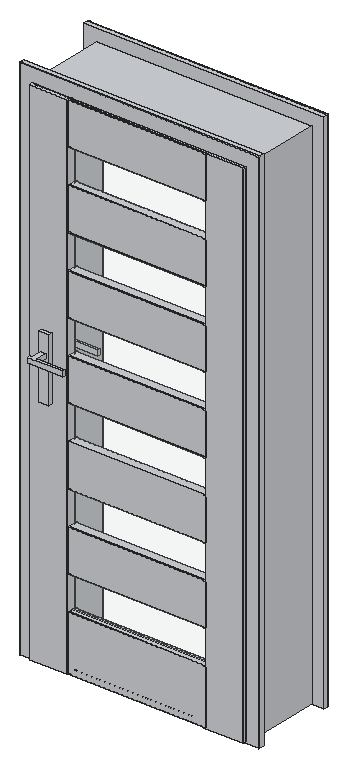
Revit family "porta_koncept_C6_osc_ps", category Drzwi, Revit 2016
Family settings
  Obiekt nadrzędny = Ściana
  Zawsze pionowo = Tak
  Tnij formami wycięć po wczytaniu = Nie
  Współdzielony = Nie
  Punkt obliczania pomieszczeń = Nie
Parameters (values of type "PN 80")
  Zakres szerokości muru [instance] = if(and(Grubość ściany > 94 mm, Grubość ściany < 120 mm), "B", (if(and(Grubość ściany > 119 mm, Grubość ściany < 140 mm), "C", (if(and(Grubość ściany > 139 mm, Grubość ściany < 160 mm), "D", (if(and(Grubość ściany > 159 mm, Grubość ściany < 180 mm), "E", (if(and(Grubość ściany > 179 mm, Grubość ściany < 200 mm), "F", (if(and(Grubość ściany > 199 mm, Grubość ściany < 220 mm), "G", (if(and(Grubość ściany > 219 mm, Grubość ściany < 240 mm), "H", (if(and(Grubość ściany > 239 mm, Grubość ściany < 260 mm), "I", (if(and(Grubość ściany > 259 mm, Grubość ściany < 280 mm), "J", (if(and(Grubość ściany > 279 mm, Grubość ściany < 301 mm), "K", "BRAK")))))))))))))))))))  # "K"
  Wysokość brutto = 2060 mm
  Szerokość brutto = 880 mm
  Model = "Koncept C6"
  Konstrukcja analityczna = "<Brak>"
  Grubość ściany [instance] = 300 mm
  Funkcja = Wewnętrzna
  URL = "www.porta.com.pl"
  Ss = 844 mm
  Sb = 846 mm
  Producent = "PORTA KMI POLAND"
  Keynote = ""
  Description = ""
  Wysokość = 2016 mm
  Zakończenie ściany = Wg obiektu nadrzędnego
  Szerokość = 800 mm
  Materiał_skrzydło [instance] = none
  Materiał_ościeżnica [instance] = none
  Materiał_klamka [instance] = none
  Informacja = "Własność Porta KMI Poland, wszelkie prawa zastrzeżone."  # constant formula
  Hs = 2030 mm
Types (6, lengths in mm): name | Szerokość brutto | Ss | Sb | Description | Szerokość
  PN 70 | 780 | 744 | 746 | "Biblioteki CAD produktów firmy PORTA KMI POLAND wraz z ich wizualizacjami są chronione prawami własności przemysłowej i intelektualnej. Można je wykorzystywać do handlowych celów osobistych poprzez zastosowanie w projektach, jednak nie wolno ich powielać, modyfikować, licencjonować ani publikować, w całości ani w części, chyba że celem przeglądania, bez uprzedniej pisemnej zgody PORTA KMI Poland. www.porta.com.pl" | 700
  PN 60 | 680 | 644 | 646 | "Biblioteki CAD produktów firmy PORTA KMI POLAND wraz z ich wizualizacjami są chronione prawami własności przemysłowej i intelektualnej. Można je wykorzystywać do handlowych celów osobistych poprzez zastosowanie w projektach, jednak nie wolno ich powielać, modyfikować, licencjonować ani publikować, w całości ani w części, chyba że celem przeglądania, bez uprzedniej pisemnej zgody PORTA KMI Poland. www.porta.com.pl" | 600
  PN 80 | 880 | 844 | 846 | "" | 800
  PN 90 | 980 | 944 | 946 | "Biblioteki CAD produktów firmy PORTA KMI POLAND wraz z ich wizualizacjami są chronione prawami własności przemysłowej i intelektualnej. Można je wykorzystywać do handlowych celów osobistych poprzez zastosowanie w projektach, jednak nie wolno ich powielać, modyfikować, licencjonować ani publikować, w całości ani w części, chyba że celem przeglądania, bez uprzedniej pisemnej zgody PORTA KMI Poland. www.porta.com.pl" | 900
  PN 100 | 1080 | 1044 | 1046 | "Biblioteki CAD produktów firmy PORTA KMI POLAND wraz z ich wizualizacjami są chronione prawami własności przemysłowej i intelektualnej. Można je wykorzystywać do handlowych celów osobistych poprzez zastosowanie w projektach, jednak nie wolno ich powielać, modyfikować, licencjonować ani publikować, w całości ani w części, chyba że celem przeglądania, bez uprzedniej pisemnej zgody PORTA KMI Poland. www.porta.com.pl" | 1000
  PN 110 | 1180 | 1144 | 1146 | "Biblioteki CAD produktów firmy PORTA KMI POLAND wraz z ich wizualizacjami są chronione prawami własności przemysłowej i intelektualnej. Można je wykorzystywać do handlowych celów osobistych poprzez zastosowanie w projektach, jednak nie wolno ich powielać, modyfikować, licencjonować ani publikować, w całości ani w części, chyba że celem przeglądania, bez uprzedniej pisemnej zgody PORTA KMI Poland. www.porta.com.pl" | 1100
Reference planes
  plane 1: y = 0
  plane 2 "Środek (Lewa/Prawa)": x = 0
  plane 3 "Lewy": x = -440
  plane 4 "Prawy": x = 440
  plane 5: z = 2060
  plane 6 "Zewnętrzna": y = 150
  plane 7 "Wewnętrzna": y = -150
  plane 8 "skrzydło": y = -144.5
Forms (mm)
  Sweep 1, solid, material <- "Materiał_ościeżnica"
    path in 3D
      loop
        line (-440, -150, 0) -> (-440, -150, 2060) -> (440, -150, 2060) -> (440, -150, 0)
    profile origin (-440, -150, 1030) x (0, -1, 0) y (1, 0, 0)
      loop
        line (-10, 39) -> (-72, 39) -> (-72, 17) -> (0, 17) -> (0, -33) -> (16, -33)
        arc (16, -33) -> (18.121, -32.121) -> (19, -30) r 3
        line (19, -30) -> (19, 24)
        arc (19, 24) -> (18.121, 26.121) -> (16, 27) r 3
        line (16, 27) -> (-10, 27) -> (-10, 39)
  Sweep 2, solid, material <- "Materiał_ościeżnica"
    path in 3D
      loop
        line (440, 150, 0) -> (440, 150, 2060) -> (-440, 150, 2060) -> (-440, 150, 0)
    profile origin (-440, 150, 1030) x (1, 0, 0) y (0, 1, 0)
      loop
        line (-33, 0) -> (17, 0) -> (17, -228) -> (39, -228) -> (39, -1)
        arc (39, -1) -> (37.536, 2.536) -> (34, 4) r 5
        line (34, 4) -> (25, 4) -> (25, 16)
        arc (25, 16) -> (24.121, 18.121) -> (22, 19) r 3
        line (22, 19) -> (-30, 19)
        arc (-30, 19) -> (-32.121, 18.121) -> (-33, 16) r 3
        line (-33, 16) -> (-33, 0)
  Sweep 3, solid, not visible
    path in 3D
      loop
        line (-440, -150, 0) -> (-440, -150, 2060)
    profile origin (-440, -150, 1030) x (0, -1, 0) y (1, 0, 0)
      loop
        line (-151, 17) -> (-149, 17) -> (-149, 19) -> (-151, 19) -> (-151, 17)
Cuts and joins
  joined: Sweep 1, Sweep 2
Lines and regions (mm)
  Opening 1
    outline origin (-3050, -150, 0) x (1, 0, 0) y (0, 0, 1)
      loop
        line (2610, 0) -> (3490, 0) -> (3490, 2060) -> (2610, 2060) -> (2610, 0)
  sketch lines
    curve 1: line (-440, -150, 0) -> (-440, -150, 2060)
    curve 2: line (-440, -150, 2060) -> (440, -150, 2060)
    curve 3: line (440, -150, 2060) -> (440, -150, 0)
    curve 4: line (-440, 150, 2060) -> (-440, 150, 0)
    curve 5: line (440, 150, 2060) -> (-440, 150, 2060)
    curve 6: line (440, 150, 0) -> (440, 150, 2060)
    curve 12: line (-440, -150, 0) -> (-440, -150, 2060)
  symbolic lines, style "DoorsPanelProjection"
    curve 7: line (422, -150, 0) -> (422, -994, 0)
    curve 8: line (422, -994, 0) -> (382, -994, 0)
    curve 9: line (382, -994, 0) -> (382, -150, 0)
    curve 10: line (382, -150, 0) -> (422, -150, 0)
  symbolic lines, style "Ugięcie rzutu"
    curve 11: arc (-422, -150, 0) -> (-174.798, -746.798, 0) -> (422, -994, 0) r 844
Text (mm)
  text "Zewnętrzna" at (-2295.016, 1099.543, 0), in view "Poziom odniesienia"
  text "Zewnętrzna" at (0, 1615.38, 3698.081), in view "Lewy"
  text "Zewnętrzna" at (0, 1036.032, 3874.932), in view "Prawy"
Dimensions and locks
  equal spacing: plane 3 "Lewy", plane 2 "Środek (Lewa/Prawa)", plane 4 "Prawy"
  "Szerokość brutto": plane 3 "Lewy" to plane 4 "Prawy"
  "Wysokość brutto": plane 5 to host wall
  host wall to plane 5 = 2060 mm  (x2)
  locked: plane 6 "Zewnętrzna" to host wall at 0
  locked: plane 7 "Wewnętrzna" to host wall
  "Sb": Sweep 1 to Sweep 1
  locked: Sweep 1 sketch curve to Sweep 1 sketch curve at 22
  Sweep 1 sketch curve to Sweep 1 sketch curve = 50 mm
  locked: Sweep 1 sketch curve to profile plane at 72
  locked: Sweep 2 sketch curve to Sweep 2 sketch curve at 50
  locked: Sweep 2 sketch curve to Sweep 2 sketch curve at 22
  locked: Sweep 2 sketch curve to plane 6 "Zewnętrzna" at 1
  locked: curve 9 to curve 7 at 40
  "Ss": curve 8 to curve 10
  equal spacing: curve 11, plane 2 "Środek (Lewa/Prawa)", curve 7
  locked: plane 7 "Wewnętrzna" to plane 8 "skrzydło" at 5.5
  locked: host wall to Sweep 3 sketch curve at 1
  locked: Sweep 3 sketch curve to host wall at 1
  locked: Sweep 3 sketch curve to plane 6 "Zewnętrzna" at 151
  locked: plane 7 "Wewnętrzna" to Sweep 3 sketch curve at 151
  equal spacing: nested 1, plane 2 "Środek (Lewa/Prawa)", nested 1
  locked: nested 1 to level at 8
  "Grubość ściany": host wall to host wall
  aligned and locked: plane 3 "Lewy" to Opening 1 sketch curve
  aligned and locked: plane 5 to Opening 1 sketch curve  (x2)
  aligned and locked: Opening 1 sketch curve to plane 4 "Prawy"
  aligned and locked: Opening 1 sketch curve to level
  aligned and locked: plane 1 to host wall
  aligned and locked: Sweep 1 to Sweep 2 sketch curve
  aligned and locked: plane 7 "Wewnętrzna" to curve 10
  aligned and locked: Sweep 3 sketch curve to cut or joined group of Sweep 1, Sweep 2
  aligned and locked: Sweep 2 sketch curve to cut or joined group of Sweep 1, Sweep 2
  aligned and locked: nested 1 to plane 8 "skrzydło"
Automatic sketch dimensions
  profile plane to Sweep 1 sketch curve = 10 mm
  Sweep 1 sketch curve to profile plane = 16 mm  (x2)
  Sweep 1 sketch curve to Sweep 1 sketch curve = 3 mm
  profile plane to Sweep 1 sketch curve = 17 mm
  Sweep 1 sketch curve to Sweep 1 sketch curve = 7 mm
  Sweep 1 sketch curve to profile plane = 0 mm
  Sweep 2 sketch curve to profile plane = 0 mm
  Sweep 2 sketch curve to profile plane = 16 mm
  Sweep 2 sketch curve to Sweep 2 sketch curve = 3 mm
  Sweep 2 sketch curve to Sweep 2 sketch curve = 5 mm
  Sweep 2 sketch curve to profile plane = 4 mm
  Sweep 2 sketch curve to Sweep 2 sketch curve = 8 mm
  curve 11 to host wall = 0 mm
  Sweep 3 sketch curve to Sweep 3 sketch curve = 2 mm
Nested families
  nested 1: "skrzydło" at (0, -151, 0), Materiał_klamka <- "Materiał_klamka", Materiał_skrzydło <- "Materiał_skrzydło", type "skrzydło"
    with Materiał_skrzydło none, Materiał_klamka none
Definition of nested family "skrzydło"
  Parameters
    Ss = 844 mm
    Materiał_skrzydło [instance] = none
    Materiał_klamka [instance] = none
    Hs = 2030 mm
  Reference planes
    plane 1 "Tył": y = 6.5
    plane 2: z = 0
    plane 3 "Środek (Lewa/Prawa)": x = 0
    plane 4 "Lewa": x = -422
    plane 5 "Prawa": x = 422
    plane 6 "Przód": y = -33.5
    plane 7: z = 2038
    plane 8 "Centrum": y = -13.5
    plane 9: x = -409
    plane 10: z = 8
    plane 11: x = 409
    plane 12: x = -272
    plane 13: x = 272
    plane 14: z = 2025
  Forms (mm)
    Extrusion 1, solid, material <- "Materiał_skrzydło"
      sketch origin (-1191.728, -1524, 8) x (-1, 0, 0) y (0, -1, 0)
        loop
          line (-1465.378, -1490.5) -> (-1612.078, -1490.5)
          arc (-1612.078, -1490.5) -> (-1613.244, -1490.983) -> (-1613.728, -1492.15) r 1.65
          line (-1613.728, -1492.15) -> (-1613.728, -1501.85)
          arc (-1613.728, -1501.85) -> (-1613.244, -1503.017) -> (-1612.078, -1503.5) r 1.65
          line (-1612.078, -1503.5) -> (-1602.078, -1503.5)
          arc (-1602.078, -1503.5) -> (-1601.123, -1503.895) -> (-1600.728, -1504.85) r 1.35
          line (-1600.728, -1504.85) -> (-1600.728, -1528.85)
          arc (-1600.728, -1528.85) -> (-1600.244, -1530.017) -> (-1599.078, -1530.5) r 1.65
          line (-1599.078, -1530.5) -> (-1465.378, -1530.5)
          arc (-1465.378, -1530.5) -> (-1464.211, -1530.017) -> (-1463.728, -1528.85) r 1.65
          line (-1463.728, -1528.85) -> (-1463.728, -1492.15)
          arc (-1463.728, -1492.15) -> (-1464.211, -1490.983) -> (-1465.378, -1490.5) r 1.65
      from 0 to 2030
    Extrusion 2, void
      sketch origin (0, 0, 0) x (0, -1, 0) y (0, 0, 1)
        loop
          line (-6.5, 2025) -> (20.5, 2025) -> (20.5, 2038) -> (-6.5, 2038) -> (-6.5, 2025)
      from -422 to 422
    Extrusion 3, solid, material <- "Materiał_skrzydło"
      sketch origin (0, 0, 0) x (0, 1, 0) y (0, 0, 1)
        loop
          line (4, 1869.65) -> (4, 2023.35)
          arc (4, 2023.35) -> (3.517, 2024.517) -> (2.35, 2025) r 1.65
          line (2.35, 2025) -> (-19.15, 2025)
          arc (-19.15, 2025) -> (-20.105, 2025.395) -> (-20.5, 2026.35) r 1.35
          line (-20.5, 2026.35) -> (-20.5, 2036.35)
          arc (-20.5, 2036.35) -> (-20.983, 2037.517) -> (-22.15, 2038) r 1.65
          line (-22.15, 2038) -> (-29.35, 2038)
          arc (-29.35, 2038) -> (-30.517, 2037.517) -> (-31, 2036.35) r 1.65
          line (-31, 2036.35) -> (-31, 1869.65)
          arc (-31, 1869.65) -> (-30.517, 1868.483) -> (-29.35, 1868) r 1.65
          line (-29.35, 1868) -> (2.35, 1868)
          arc (2.35, 1868) -> (3.517, 1868.483) -> (4, 1869.65) r 1.65
        loop
          line (2.35, 228) -> (-29.35, 228)
          arc (-29.35, 228) -> (-30.517, 227.517) -> (-31, 226.35) r 1.65
          line (-31, 226.35) -> (-31, 9.65)
          arc (-31, 9.65) -> (-30.517, 8.483) -> (-29.35, 8) r 1.65
          line (-29.35, 8) -> (-25, 8)
          arc (-25, 8) -> (-23.833, 8.483) -> (-23.35, 9.65) r 1.65
          arc (-23.35, 9.65) -> (-22.955, 10.605) -> (-22, 11) r 1.35
          line (-22, 11) -> (-5, 11)
          arc (-5, 11) -> (-4.045, 10.605) -> (-3.65, 9.65) r 1.35
          arc (-3.65, 9.65) -> (-3.167, 8.483) -> (-2, 8) r 1.65
          line (-2, 8) -> (2.35, 8)
          arc (2.35, 8) -> (3.517, 8.483) -> (4, 9.65) r 1.65
          line (4, 9.65) -> (4, 226.35)
          arc (4, 226.35) -> (3.517, 227.517) -> (2.35, 228) r 1.65
        loop
          line (2.35, 529.7) -> (-29.35, 529.7)
          arc (-29.35, 529.7) -> (-30.517, 529.217) -> (-31, 528.05) r 1.65
          line (-31, 528.05) -> (-31, 361.35)
          arc (-31, 361.35) -> (-30.517, 360.183) -> (-29.35, 359.7) r 1.65
          line (-29.35, 359.7) -> (2.35, 359.7)
          arc (2.35, 359.7) -> (3.517, 360.183) -> (4, 361.35) r 1.65
          line (4, 361.35) -> (4, 528.05)
          arc (4, 528.05) -> (3.517, 529.217) -> (2.35, 529.7) r 1.65
        loop
          line (2.35, 831.4) -> (-29.35, 831.4)
          arc (-29.35, 831.4) -> (-30.517, 830.917) -> (-31, 829.75) r 1.65
          line (-31, 829.75) -> (-31, 663.05)
          arc (-31, 663.05) -> (-30.517, 661.883) -> (-29.35, 661.4) r 1.65
          line (-29.35, 661.4) -> (2.35, 661.4)
          arc (2.35, 661.4) -> (3.517, 661.883) -> (4, 663.05) r 1.65
          line (4, 663.05) -> (4, 829.75)
          arc (4, 829.75) -> (3.517, 830.917) -> (2.35, 831.4) r 1.65
        loop
          line (2.35, 1133.1) -> (-29.35, 1133.1)
          arc (-29.35, 1133.1) -> (-30.517, 1132.617) -> (-31, 1131.45) r 1.65
          line (-31, 1131.45) -> (-31, 964.75)
          arc (-31, 964.75) -> (-30.517, 963.583) -> (-29.35, 963.1) r 1.65
          line (-29.35, 963.1) -> (2.35, 963.1)
          arc (2.35, 963.1) -> (3.517, 963.583) -> (4, 964.75) r 1.65
          line (4, 964.75) -> (4, 1131.45)
          arc (4, 1131.45) -> (3.517, 1132.617) -> (2.35, 1133.1) r 1.65
        loop
          line (2.35, 1434.8) -> (-29.35, 1434.8)
          arc (-29.35, 1434.8) -> (-30.517, 1434.317) -> (-31, 1433.15) r 1.65
          line (-31, 1433.15) -> (-31, 1266.45)
          arc (-31, 1266.45) -> (-30.517, 1265.283) -> (-29.35, 1264.8) r 1.65
          line (-29.35, 1264.8) -> (2.35, 1264.8)
          arc (2.35, 1264.8) -> (3.517, 1265.283) -> (4, 1266.45) r 1.65
          line (4, 1266.45) -> (4, 1433.15)
          arc (4, 1433.15) -> (3.517, 1434.317) -> (2.35, 1434.8) r 1.65
        loop
          line (2.35, 1736.5) -> (-29.35, 1736.5)
          arc (-29.35, 1736.5) -> (-30.517, 1736.017) -> (-31, 1734.85) r 1.65
          line (-31, 1734.85) -> (-31, 1568.15)
          arc (-31, 1568.15) -> (-30.517, 1566.983) -> (-29.35, 1566.5) r 1.65
          line (-29.35, 1566.5) -> (2.35, 1566.5)
          arc (2.35, 1566.5) -> (3.517, 1566.983) -> (4, 1568.15) r 1.65
          line (4, 1568.15) -> (4, 1734.85)
          arc (4, 1734.85) -> (3.517, 1736.017) -> (2.35, 1736.5) r 1.65
      from -272 to 272
    Extrusion 4, solid
      sketch origin (-892.016, -13.5, 1200) x (-1, 0, 0) y (0, 0, 1)
        loop
          line (-620.016, 668) -> (-1164.016, 668) -> (-1164.016, -972) -> (-620.016, -972) -> (-620.016, 668)
      from -2 to 2
    Extrusion 5, solid, material <- "Materiał_skrzydło"
      sketch origin (-1191.728, -1524, 8) x (-1, 0, 0) y (0, -1, 0)
        loop
          arc (-918.078, -1490.5) -> (-919.244, -1490.983) -> (-919.728, -1492.15) r 1.65
          line (-919.728, -1492.15) -> (-919.728, -1528.85)
          arc (-919.728, -1528.85) -> (-919.244, -1530.017) -> (-918.078, -1530.5) r 1.65
          line (-918.078, -1530.5) -> (-784.378, -1530.5)
          arc (-784.378, -1530.5) -> (-783.211, -1530.017) -> (-782.728, -1528.85) r 1.65
          line (-782.728, -1528.85) -> (-782.728, -1504.85)
          arc (-782.728, -1504.85) -> (-782.332, -1503.895) -> (-781.378, -1503.5) r 1.35
          line (-781.378, -1503.5) -> (-771.378, -1503.5)
          arc (-771.378, -1503.5) -> (-770.211, -1503.017) -> (-769.728, -1501.85) r 1.65
          line (-769.728, -1501.85) -> (-769.728, -1492.15)
          arc (-769.728, -1492.15) -> (-770.211, -1490.983) -> (-771.378, -1490.5) r 1.65
          line (-771.378, -1490.5) -> (-918.078, -1490.5)
      from 0 to 2030
  Cuts and joins
    Extrusion 2 cuts Extrusion 1
    Extrusion 2 cuts Extrusion 5
  Dimensions and locks
    equal spacing: plane 4 "Lewa", plane 3 "Środek (Lewa/Prawa)", plane 5 "Prawa"
    "Ss": plane 4 "Lewa" to plane 5 "Prawa"
    locked: plane 4 "Lewa" to plane 9 at 13
    locked: plane 10 to level at 8
    "Hs": plane 7 to plane 10
    locked: plane 5 "Prawa" to plane 11 at 13
    locked: plane 9 to nested 1 at 35
    locked: nested 1 to plane 10 at 934
    locked: plane 10 to nested 2 at 934
    equal spacing: plane 6 "Przód", plane 8 "Centrum", plane 1 "Tył"
    locked: plane 7 to plane 14 at 13
    locked: plane 12 to plane 4 "Lewa" at 150
    locked: plane 5 "Prawa" to plane 13 at 150
    locked: plane 1 "Tył" to Extrusion 2 sketch curve at 27
    aligned and locked: nested 1 to plane 6 "Przód"
    aligned and locked: plane 5 "Prawa" to Extrusion 1 sketch curve
    aligned and locked: Extrusion 1 sketch curve to plane 11
    aligned and locked: Extrusion 1 sketch curve to plane 1 "Tył"
    aligned and locked: Extrusion 1 sketch curve to plane 6 "Przód"
    aligned and locked: Extrusion 1 sketch curve to plane 13
    aligned and locked: plane 7 to Extrusion 1
    aligned and locked: Extrusion 2 sketch curve to plane 14
    aligned and locked: Extrusion 2 sketch curve to plane 1 "Tył"
    aligned and locked: plane 7 to Extrusion 2 sketch curve
    aligned and locked: Extrusion 2 to plane 4 "Lewa"
    aligned and locked: plane 5 "Prawa" to Extrusion 2
    aligned and locked: Extrusion 3 to plane 12
    aligned and locked: plane 13 to Extrusion 3
    aligned and locked: plane 12 to Extrusion 4 sketch curve
    aligned and locked: plane 13 to Extrusion 4 sketch curve
    aligned and locked: plane 4 "Lewa" to Extrusion 5 sketch curve
    aligned and locked: Extrusion 5 sketch curve to plane 12
    aligned and locked: plane 7 to Extrusion 5
    aligned and locked: nested 2 to nested 1
  Automatic sketch dimensions
    Extrusion 1 sketch curve to Extrusion 1 sketch curve = 1.65 mm  (x4)
    Extrusion 1 sketch curve to Extrusion 1 sketch curve = 1.35 mm
    Extrusion 1 sketch curve to Extrusion 1 sketch curve = 10 mm
    plane 1 "Tył" to Extrusion 1 sketch curve = 25.65 mm
    Extrusion 5 sketch curve to Extrusion 5 sketch curve = 1.65 mm  (x4)
    Extrusion 5 sketch curve to Extrusion 5 sketch curve = 1.35 mm
    Extrusion 5 sketch curve to Extrusion 5 sketch curve = 10 mm
    Extrusion 5 sketch curve to Extrusion 5 sketch curve = 0 mm
    plane 6 "Przód" to Extrusion 5 sketch curve = 40 mm
    Extrusion 5 sketch curve to Extrusion 5 sketch curve = 24 mm
    Extrusion 5 sketch curve to Extrusion 5 sketch curve = 9.7 mm
    Extrusion 3 sketch curve to plane 7 = 0 mm
    Extrusion 3 sketch curve to plane 10 = 0 mm  (x2)
    Extrusion 3 sketch curve to plane 14 = 0 mm
    plane 6 "Przód" to Extrusion 3 sketch curve = 2.5 mm  (x7)
    Extrusion 3 sketch curve to Extrusion 3 sketch curve = 1.65 mm  (x22)
    Extrusion 3 sketch curve to Extrusion 3 sketch curve = 4.35 mm
    Extrusion 3 sketch curve to Extrusion 3 sketch curve = 0 mm  (x2)
    Extrusion 3 sketch curve to Extrusion 3 sketch curve = 7.2 mm
    Extrusion 3 sketch curve to Extrusion 3 sketch curve = 1.35 mm  (x2)
    plane 10 to Extrusion 3 sketch curve = 1.65 mm  (x2)
    plane 8 "Centrum" to Extrusion 3 sketch curve = 8.5 mm
    plane 1 "Tył" to Extrusion 3 sketch curve = 4.15 mm  (x14)
    Extrusion 3 sketch curve to Extrusion 3 sketch curve = 215.35 mm
    Extrusion 3 sketch curve to Extrusion 3 sketch curve = 131.7 mm  (x5)
    Extrusion 3 sketch curve to Extrusion 3 sketch curve = 166.7 mm  (x5)
    Extrusion 3 sketch curve to Extrusion 3 sketch curve = 131.5 mm
    plane 10 to Extrusion 4 sketch curve = 220 mm
    Extrusion 4 sketch curve to plane 14 = 157 mm
  Nested families
    nested 1: "KLAMKA" at (-354, -33.5, 1067), Materiał klamki <- "Materiał_klamka", type "KLAMKA"
      with Materiał klamki none
    nested 2: "KLAMKA" at (-354, 6.5, 1067), Materiał klamki <- "Materiał_klamka", type "KLAMKA"
      with Materiał klamki none
  Definition of nested family "KLAMKA"
    Parameters
      Materiał klamki [instance] = none
      Assembly Code = ""
      Default Elevation = 1219.2 mm
    Reference planes
      plane 1 "Center (Front/Back)": y = 0
      plane 2: z = 0
      plane 3 "Center (Left/Right)": x = 0
      plane 4: z = 125
      plane 5: z = -125
      plane 6: x = 20
      plane 7: x = -20
      plane 8: y = -70
      plane 9: y = -60
      plane 10: x = 10
      plane 11: x = -10
      plane 12: x = 120
      plane 13: z = 35
      plane 14: z = 55
      plane 15: y = -15
    Forms (mm)
      Extrusion 1, solid, material <- "Materiał klamki"
        sketch origin (0, 0, 0) x (1, 0, 0) y (0, 0, 1)
          loop
            line (-20, 125) -> (-20, -125) -> (20, -125) -> (20, 125) -> (-20, 125)
        from 0 to 15
      Extrusion 2, solid, material <- "Materiał klamki"
        sketch origin (0, 0, 0) x (1, 0, 0) y (0, 1, 0)
          loop
            line (-10, -15) -> (-10, -60) -> (-20, -60) -> (-20, -70) -> (120, -70) -> (120, -60) -> (10, -60) -> (10, -15) -> (-10, -15)
        from 35 to 55
    Dimensions and locks
      equal spacing: plane 4, plane 2, plane 5
      plane 4 to plane 5 = 250 mm
      equal spacing: plane 7, plane 3 "Center (Left/Right)", plane 6
      plane 7 to plane 6 = 40 mm
      plane 8 to plane 1 "Center (Front/Back)" = 70 mm
      plane 11 to plane 3 "Center (Left/Right)" to plane 10 = 10 mm locked, 10 mm locked
      plane 7 to plane 12 = 140 mm
      plane 15 to plane 1 "Center (Front/Back)" = 15 mm
      aligned and locked: plane 7 to Extrusion 1 sketch curve
      aligned and locked: Extrusion 1 sketch curve to plane 4
      aligned and locked: plane 5 to Extrusion 1 sketch curve
      aligned and locked: Extrusion 1 sketch curve to plane 6
      aligned and locked: plane 15 to Extrusion 1
      aligned and locked: Extrusion 1 to plane 1 "Center (Front/Back)"
      aligned and locked: plane 14 to Extrusion 2
      aligned and locked: Extrusion 2 to plane 13
    Automatic sketch dimensions
      Extrusion 2 sketch curve to plane 7 = 0 mm
      Extrusion 2 sketch curve to plane 9 = 0 mm  (x2)
      Extrusion 2 sketch curve to plane 11 = 0 mm
      Extrusion 2 sketch curve to plane 10 = 0 mm
      Extrusion 2 sketch curve to plane 12 = 0 mm
      Extrusion 2 sketch curve to plane 8 = 0 mm
      Extrusion 2 sketch curve to plane 15 = 0 mm
